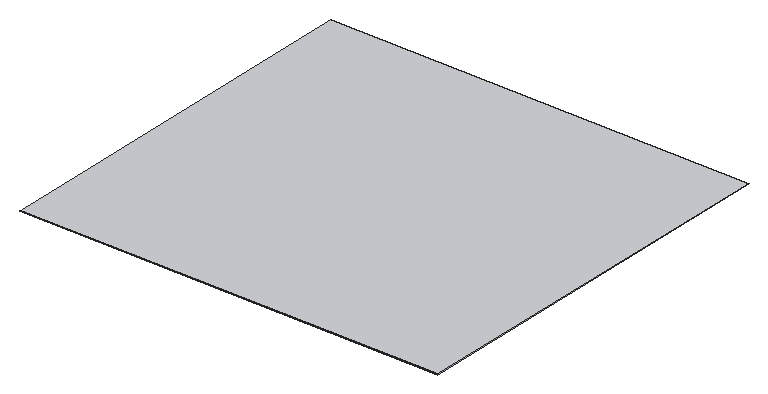
Revit family "WLL_bay_template", category Walls, Revit 2024
Family settings
  Work Plane-Based = No
  Always vertical = No
  Cut with Voids When Loaded = No
  Shared = Yes
Parameters
  Type IFC Predefined Type = "PARTITIONING"
  Structural Material = <By Category>
  HSL_drofus_room_func_no [instance] = ""
  HSL_WIDTH [instance] = 2367.295 mm
  HSL_ROOM_NUMBER = ""
  HSL_ROOM_NAME_SHORT [instance] = ""
  HSL_ROOM_NAME [instance] = ""
  HSL_HEIGHT [instance] = 2438.4 mm
  HSL_GROSS_FLOOR_AREA [instance] = HSL_DEPTH * HSL_WIDTH  # 2.47146 m²
  HSL_DEPTH [instance] = 1044.001 mm
  HSL_DEPARTMENT_2 [instance] = ""
  HSL_DEPARTMENT_1 [instance] = ""
  HSL_DEPARTMENT [instance] = ""
  HSL_CLIENT_REQ_AREA_DIFF_PERC [instance] = if(HSL_GROSS_FLOOR_AREA - HSL_CLIENT_REQ_AREA = 0.00 m², 0, if(HSL_CLIENT_REQ_AREA = 0.00 m², 9999, 100 * (HSL_GROSS_FLOOR_AREA - HSL_CLIENT_REQ_AREA) / HSL_CLIENT_REQ_AREA))  # 9999
  HSL_CLIENT_REQ_AREA_DIFF [instance] = HSL_GROSS_FLOOR_AREA - HSL_CLIENT_REQ_AREA  # 2.47146 m²
  HSL_CLIENT_REQ_AREA [instance] = 0.00 m²
  Export Type to IFC As = "IfcWallType"
Reference planes
  plane 1: y = 0
  plane 2: z = 0
  plane 3: x = -230.945
  plane 4: z = 2438.4
Dimensions and locks
  "HSL_HEIGHT": plane 4 to level
  aligned and locked: plane 3 to nested 1
  aligned and locked: plane 1 to nested 1
  aligned and locked: plane 3 to nested 2
  aligned and locked: plane 1 to nested 2
  aligned and locked: plane 3 to nested 3
  aligned and locked: nested 3 to plane 1
Nested families
  nested 1: "ANN_Planning_nested_tag" at (-230.945, 0, 0), HSL_DEPTH <- "HSL_DEPTH", HSL_WIDTH <- "HSL_WIDTH", HSL_ROOM_NAME_SHORT <- "HSL_ROOM_NAME_SHORT", HSL_drofus_room_func_no <- "HSL_drofus_room_func_no", HSL_CLIENT_REQ_AREA <- "HSL_CLIENT_REQ_AREA", HSL_GROSS_FLOOR_AREA <- "HSL_GROSS_FLOOR_AREA", type "ANN_Planning_nested_tag"
    with HSL_drofus_room_func_no "", HSL_WIDTH 2367.295 mm, HSL_ROOM_NAME_SHORT "", HSL_ID_INSTANCE "", HSL_GROSS_FLOOR_AREA 2.47146 m², HSL_DEPTH 1044.001 mm, HSL_CLIENT_REQ_AREA 0.00 m²
  nested 2: "GEN_Inner_Nested_Bay_template" at (-230.945, 0, 0), HSL_DEPARTMENT <- "HSL_DEPARTMENT", HSL_DEPARTMENT_1 <- "HSL_DEPARTMENT_1", HSL_DEPARTMENT_2 <- "HSL_DEPARTMENT_2", HSL_ROOM_NUMBER <- "HSL_ROOM_NUMBER", HSL_drofus_room_func_no <- "HSL_drofus_room_func_no", HSL_CLIENT_REQ_AREA_DIFF <- "HSL_CLIENT_REQ_AREA_DIFF", HSL_CLIENT_REQ_AREA_DIFF_PERC <- "HSL_CLIENT_REQ_AREA_DIFF_PERC", HSL_DEPTH <- "HSL_DEPTH", HSL_HEIGHT <- "HSL_HEIGHT", HSL_WIDTH <- "HSL_WIDTH", type "Rectangle_Inner_Nested"
    with HSL_drofus_room_func_no "", HSL_WIDTH 2367.295 mm, HSL_ROOM_NUMBER "", HSL_HEIGHT 2438.4 mm, HSL_DEPTH 1044.001 mm, HSL_DEPARTMENT_2 "", HSL_DEPARTMENT_1 "", HSL_DEPARTMENT "", HSL_CLIENT_REQ_AREA_DIFF_PERC 9999, HSL_CLIENT_REQ_AREA_DIFF 2.47146 m²
  nested 3: "GEN_Inner_Nested_Coarse_Bay_template" at (-230.945, 0, 0), HSL_DEPTH <- "HSL_DEPTH", HSL_HEIGHT <- "HSL_HEIGHT", HSL_WIDTH <- "HSL_WIDTH", HSL_DEPARTMENT <- "HSL_DEPARTMENT", HSL_DEPARTMENT_1 <- "HSL_DEPARTMENT_1", HSL_DEPARTMENT_2 <- "HSL_DEPARTMENT_2", HSL_ROOM_NUMBER <- "HSL_ROOM_NUMBER", HSL_drofus_room_func_no <- "HSL_drofus_room_func_no", HSL_CLIENT_REQ_AREA_DIFF <- "HSL_CLIENT_REQ_AREA_DIFF", HSL_CLIENT_REQ_AREA_DIFF_PERC <- "HSL_CLIENT_REQ_AREA_DIFF_PERC", type "Rectangle_Inner_Nested", detail levels coarse
    with HSL_drofus_room_func_no "", HSL_WIDTH 2367.295 mm, HSL_ROOM_NUMBER "", HSL_HEIGHT 2438.4 mm, HSL_DEPTH 1044.001 mm, HSL_DEPARTMENT_2 "", HSL_DEPARTMENT_1 "", HSL_DEPARTMENT "", HSL_CLIENT_REQ_AREA_DIFF_PERC 9999, HSL_CLIENT_REQ_AREA_DIFF 2.47146 m²
Definition of nested family "GEN_Inner_Nested_Bay_template"
  Parameters (values of type "Rectangle_Inner_Nested")
    Learning Link = ""
    HSL_drofus_room_func_no [instance] = ""
    HSL_WIDTH [instance] = 1880 mm
    HSL_ROOM_NUMBER [instance] = ""
    HSL_HEIGHT [instance] = 1574.089 mm
    HSL_DEPTH [instance] = 1766.032 mm
    HSL_DEPARTMENT_2 [instance] = ""
    HSL_DEPARTMENT_1 [instance] = ""
    HSL_DEPARTMENT [instance] = ""
    HSL_CLIENT_REQ_AREA_DIFF_PERC [instance] = 0
    HSL_CLIENT_REQ_AREA_DIFF [instance] = 0.00 m²
    Default Elevation = 0 mm
  Reference planes
    plane 1 "Center (Front/Back)": y = 0
    plane 2: z = 0
    plane 3 "Center (Left/Right)": x = 0
    plane 4: z = 1574.089
  Forms (mm)
    Extrusion 1, solid, detail levels medium+fine
      sketch origin (0, 0, 0) x (1, 0, 0) y (0, 1, 0)
        loop
          line (-832.073, 775.089) -> (-832.073, -775.089) -> (832.073, -775.089) -> (832.073, 775.089) -> (-832.073, 775.089)
      from 0 to 1
  Lines and regions (mm)
    model lines, detail levels medium+fine
      curve 1: line (0, 0, 0) -> (0, 0, 1574.089)
  Dimensions and locks
    "HSL_HEIGHT": plane 4 to level
    aligned and locked: level to plane 2
    aligned and locked: plane 4 to curve 1
    aligned and locked: level to curve 1
    aligned and locked: plane 3 "Center (Left/Right)" to curve 1
  Automatic sketch dimensions
    plane 3 "Center (Left/Right)" to Extrusion 1 sketch curve = 832.073 mm
    Extrusion 1 sketch curve to plane 1 "Center (Front/Back)" = 775.089 mm
    Extrusion 1 sketch curve to plane 3 "Center (Left/Right)" = 832.073 mm
    plane 1 "Center (Front/Back)" to Extrusion 1 sketch curve = 775.089 mm
Definition of nested family "ANN_Planning_nested_tag"
  Parameters (values of type "ANN_Planning_nested_tag")
    Learning Link = ""
    HSL_drofus_room_func_no [instance] = "00.00.00"
    HSL_WIDTH [instance] = 2000 mm
    HSL_ROOM_NAME_SHORT [instance] = "SAMPLE"
    HSL_ID_INSTANCE [instance] = ""
    HSL_GROSS_FLOOR_AREA [instance] = 60.00 m²
    HSL_DEPTH [instance] = 3000 mm
    HSL_CLIENT_REQ_AREA [instance] = 30.00 m²
    Default Elevation = 0 mm
  Reference planes
    plane 1 "Center (Front/Back)": y = 0
    plane 2: z = 0
    plane 3 "Center (Left/Right)": x = 0
  Dimensions and locks
    aligned and locked: level to plane 2
  Nested families
    nested 1: "SYM_Planning_Annotation" at (-30, -159.812, 0), HSL_GROSS_FLOOR_AREA <- "HSL_GROSS_FLOOR_AREA", HSL_ROOM_NAME_SHORT <- "HSL_ROOM_NAME_SHORT", HSL_drofus_room_func_no <- "HSL_drofus_room_func_no", HSL_DEPTH <- "HSL_DEPTH", HSL_WIDTH <- "HSL_WIDTH", HSL_CLIENT_REQ_AREA <- "HSL_CLIENT_REQ_AREA", type "SYM_Planning_Annotation"
      with HSL_drofus_room_func_no "00.00.00", HSL_WIDTH 2000 mm, HSL_ROOM_NAME_SHORT "SAMPLE", HSL_GROSS_FLOOR_AREA 60.00 m², HSL_DEPTH 3000 mm, HSL_CLIENT_REQ_AREA 30.00 m²
  Definition of nested family "SYM_Planning_Annotation"
    Parameters (values of type "SYM_Planning_Annotation")
      HSL_drofus_room_func_no [instance] = ""
      HSL_WIDTH [instance] = 0 mm
      HSL_ROOM_NAME_SHORT [instance] = ""
      HSL_GROSS_FLOOR_AREA [instance] = 0.00 m²
      HSL_DEPTH [instance] = 0 mm
      HSL_CLIENT_REQ_AREA [instance] = 0.00 m²
    Reference planes
      plane 1: y = 0
      plane 2: x = 0
    Text (mm)
      label "HSL_WIDTH/ HSL_DEPTH\nHSL_drofus_room_func_no\nHSL_ROOM_NAME_SHORT\nHSL_GROSS_FLOOR_AREA /  [HSL_CLIENT_REQ_AREA]" at (1.878, 17.288, 0), shows "HSL_WIDTH", "HSL_DEPTH", "HSL_drofus_room_func_no", "HSL_ROOM_NAME_SHORT", "HSL_GROSS_FLOOR_AREA", "HSL_CLIENT_REQ_AREA"
Definition of nested family "GEN_Inner_Nested_Coarse_Bay_template"
  Parameters (values of type "Rectangle_Inner_Nested")
    Learning Link = ""
    HSL_drofus_room_func_no [instance] = ""
    HSL_WIDTH [instance] = 3000 mm
    HSL_ROOM_NUMBER [instance] = ""
    HSL_HEIGHT [instance] = 1574.089 mm
    HSL_DEPTH [instance] = 3000 mm
    HSL_DEPARTMENT_2 [instance] = ""
    HSL_DEPARTMENT_1 [instance] = ""
    HSL_DEPARTMENT [instance] = ""
    HSL_CLIENT_REQ_AREA_DIFF_PERC [instance] = 0
    HSL_CLIENT_REQ_AREA_DIFF [instance] = 0.00 m²
    Default Elevation = 0 mm
  Reference planes
    plane 1 "Center (Front/Back)": y = 0
    plane 2: z = 0
    plane 3 "Center (Left/Right)": x = 0
    plane 4: z = 1574.089
  Forms (mm)
    Extrusion 1, solid, detail levels coarse
      sketch origin (0, 0, 0) x (1, 0, 0) y (0, 1, 0)
        loop
          arc (-1200, 1400) -> (-1341.421, 1341.421) -> (-1400, 1200) r 200
          line (-1400, 1200) -> (-1400, -1200)
          arc (-1400, -1200) -> (-1341.421, -1341.421) -> (-1200, -1400) r 200
          line (-1200, -1400) -> (1200, -1400)
          arc (1200, -1400) -> (1341.421, -1341.421) -> (1400, -1200) r 200
          line (1400, -1200) -> (1400, 1200)
          arc (1400, 1200) -> (1341.421, 1341.421) -> (1200, 1400) r 200
          line (1200, 1400) -> (-1200, 1400)
      from 0 to 1
  Lines and regions (mm)
    model lines, detail levels coarse
      curve 1: line (0, 0, 0) -> (0, 0, 1574.089)
    symbolic lines, detail levels coarse
      curve 2: line (1200, 1400, 0) -> (-1200, 1400, 0)
      curve 3: line (-1400, 1200, 0) -> (-1400, -1200, 0)
      curve 4: line (1400, -1200, 0) -> (1400, 1200, 0)
      curve 5: line (-1200, -1400, 0) -> (1200, -1400, 0)
      curve 6: arc (-1400, 1200, 0) -> (-1341.421, 1341.421, 0) -> (-1200, 1400, 0) r 200
      curve 7: arc (1200, 1400, 0) -> (1341.421, 1341.421, 0) -> (1400, 1200, 0) r 200
      curve 8: arc (1400, -1200, 0) -> (1341.421, -1341.421, 0) -> (1200, -1400, 0) r 200
      curve 9: arc (-1200, -1400, 0) -> (-1341.421, -1341.421, 0) -> (-1400, -1200, 0) r 200
  Dimensions and locks
    "HSL_HEIGHT": plane 4 to level
    aligned and locked: level to plane 2
    aligned and locked: plane 4 to curve 1
    aligned and locked: level to curve 1
    aligned and locked: plane 3 "Center (Left/Right)" to curve 1
  Automatic sketch dimensions
    curve 6 to plane 1 "Center (Front/Back)" = 1200 mm
    Extrusion 1 sketch curve to Extrusion 1 sketch curve = 200 mm  (x3)
    Extrusion 1 sketch curve to plane 1 "Center (Front/Back)" = 1200 mm
    plane 3 "Center (Left/Right)" to curve 5 = 1200 mm
    plane 3 "Center (Left/Right)" to curve 7 = 1200 mm
    curve 7 to curve 4 = 200 mm
    plane 3 "Center (Left/Right)" to Extrusion 1 sketch curve = 1200 mm
    plane 1 "Center (Front/Back)" to curve 8 = 1200 mm
    plane 1 "Center (Front/Back)" to Extrusion 1 sketch curve = 1200 mm
    curve 9 to plane 3 "Center (Left/Right)" = 1200 mm
    curve 6 to plane 3 "Center (Left/Right)" = 1200 mm
    curve 3 to curve 9 = 200 mm
    Extrusion 1 sketch curve to plane 3 "Center (Left/Right)" = 1200 mm  (x2)
